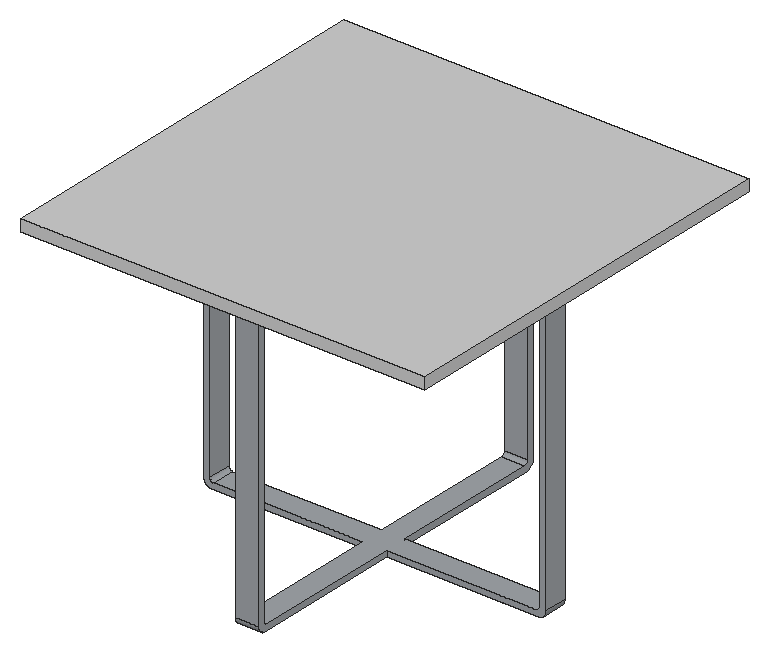
Revit family
Parameters
  URL = "http://www.martinbrattrud.com"
  Table [instance] = none
  SCS Certified Product = "Yes"
  Model = "Serif 531-26SHC"
  Manufacturer = "Martin Brattrud, Inc."
  Legs [instance] = none
  Keynote = "125000"
  Copyright = "© 2013 Martin Brattrud, Inc."
  Authoring Version = "Revit Architecture 2010"
  Assembly Code = "E2020200"
Reference planes (in)
  plane 1 "Center Front/Back": y = 0
  plane 2: z = 0
  plane 3 "Center Left/Right": x = 0
Forms (in)
  Extrusion 1, solid, material <- "Legs"
    sketch origin (0, 0, 0) x (0, 1, 0) y (0, 0, 1)
      loop
        arc (11, 18.935) -> (10.85355, 19.28855) -> (10.5, 19.435) r 0.5
        line (10.5, 19.435) -> (-10.5, 19.435)
        arc (-10.5, 19.435) -> (-10.85355, 19.28855) -> (-11, 18.935) r 0.5
        line (-11, 18.935) -> (-11, 0.6875)
        arc (-11, 0.6875) -> (-10.85355, 0.33395) -> (-10.5, 0.1875) r 0.5
        line (-10.5, 0.1875) -> (10.5, 0.1875)
        arc (10.5, 0.1875) -> (10.85355, 0.33395) -> (11, 0.6875) r 0.5
        line (11, 0.6875) -> (11, 18.935)
      loop
        arc (10.625, 18.81) -> (10.55178, 18.98678) -> (10.375, 19.06) r 0.25
        line (10.375, 19.06) -> (-10.375, 19.06)
        arc (-10.375, 19.06) -> (-10.55178, 18.98678) -> (-10.625, 18.81) r 0.25
        line (-10.625, 18.81) -> (-10.625, 0.8125)
        arc (-10.625, 0.8125) -> (-10.55178, 0.63572) -> (-10.375, 0.5625) r 0.25
        line (-10.375, 0.5625) -> (10.375, 0.5625)
        arc (10.375, 0.5625) -> (10.55178, 0.63572) -> (10.625, 0.8125) r 0.25
        line (10.625, 0.8125) -> (10.625, 18.81)
    from -0.75 to 0.75
  Revolve 2, solid
    sketch origin (0, -1.5625, 0) x (0, 1, 0) y (0, 0, 1)
      loop
        line (-6.4375, 0) -> (-6.4375, 0.1875) -> (-7, 0.1875) -> (-7, 0.125)
        arc (-7, 0.125) -> (-6.96339, 0.03661) -> (-6.875, 0) r 0.125
        line (-6.875, 0) -> (-6.4375, 0)
      axis (-6.4375, 0) -> (-6.4375, 0.1875)
    angle from 0 to 360
  Revolve 3, solid
    sketch origin (0, 6.4375, 0) x (0, 1, 0) y (0, 0, 1)
      loop
        line (-6.4375, 0) -> (-6.4375, 0.1875) -> (-7, 0.1875) -> (-7, 0.125)
        arc (-7, 0.125) -> (-6.96339, 0.03661) -> (-6.875, 0) r 0.125
        line (-6.875, 0) -> (-6.4375, 0)
      axis (-6.4375, 0) -> (-6.4375, 0.1875)
    angle from 0 to 360
  Revolve 4, solid
    sketch origin (0, 14.4375, 0) x (0, 1, 0) y (0, 0, 1)
      loop
        line (-6.4375, 0) -> (-6.4375, 0.1875) -> (-7, 0.1875) -> (-7, 0.125)
        arc (-7, 0.125) -> (-6.96339, 0.03661) -> (-6.875, 0) r 0.125
        line (-6.875, 0) -> (-6.4375, 0)
      axis (-6.4375, 0) -> (-6.4375, 0.1875)
    angle from 0 to 360
  Extrusion 5, solid, material <- "Legs"
    sketch origin (0, 0, 0) x (-1, 0, 0) y (0, 0, 1)
      loop
        arc (11, 18.935) -> (10.85355, 19.28855) -> (10.5, 19.435) r 0.5
        line (10.5, 19.435) -> (-10.5, 19.435)
        arc (-10.5, 19.435) -> (-10.85355, 19.28855) -> (-11, 18.935) r 0.5
        line (-11, 18.935) -> (-11, 0.6875)
        arc (-11, 0.6875) -> (-10.85355, 0.33395) -> (-10.5, 0.1875) r 0.5
        line (-10.5, 0.1875) -> (10.5, 0.1875)
        arc (10.5, 0.1875) -> (10.85355, 0.33395) -> (11, 0.6875) r 0.5
        line (11, 0.6875) -> (11, 18.935)
      loop
        arc (10.625, 18.81) -> (10.55178, 18.98678) -> (10.375, 19.06) r 0.25
        line (10.375, 19.06) -> (-10.375, 19.06)
        arc (-10.375, 19.06) -> (-10.55178, 18.98678) -> (-10.625, 18.81) r 0.25
        line (-10.625, 18.81) -> (-10.625, 0.8125)
        arc (-10.625, 0.8125) -> (-10.55178, 0.63572) -> (-10.375, 0.5625) r 0.25
        line (-10.375, 0.5625) -> (10.375, 0.5625)
        arc (10.375, 0.5625) -> (10.55178, 0.63572) -> (10.625, 0.8125) r 0.25
        line (10.625, 0.8125) -> (10.625, 18.81)
    from -0.75 to 0.75
  Revolve 6, solid
    sketch origin (1.5625, 0, 0) x (-1, 0, 0) y (0, 0, 1)
      loop
        line (-6.4375, 0) -> (-6.4375, 0.1875) -> (-7, 0.1875) -> (-7, 0.125)
        arc (-7, 0.125) -> (-6.96339, 0.03661) -> (-6.875, 0) r 0.125
        line (-6.875, 0) -> (-6.4375, 0)
      axis (-6.4375, 0) -> (-6.4375, 0.1875)
    angle from 0 to 360
  Revolve 7, solid
    sketch origin (-14.4375, 0, 0) x (-1, 0, 0) y (0, 0, 1)
      loop
        line (-6.4375, 0) -> (-6.4375, 0.1875) -> (-7, 0.1875) -> (-7, 0.125)
        arc (-7, 0.125) -> (-6.96339, 0.03661) -> (-6.875, 0) r 0.125
        line (-6.875, 0) -> (-6.4375, 0)
      axis (-6.4375, 0) -> (-6.4375, 0.1875)
    angle from 0 to 360
  Extrusion 8, solid, material <- "Table"
    sketch origin (0, 0, 0) x (1, 0, 0) y (0, 1, 0)
      loop
        line (-13, 13) -> (-13, -13) -> (13, -13) -> (13, 13) -> (-13, 13)
    from 19.4975 to 20.2475
Cuts and joins
  joined: Extrusion 1, Extrusion 5
